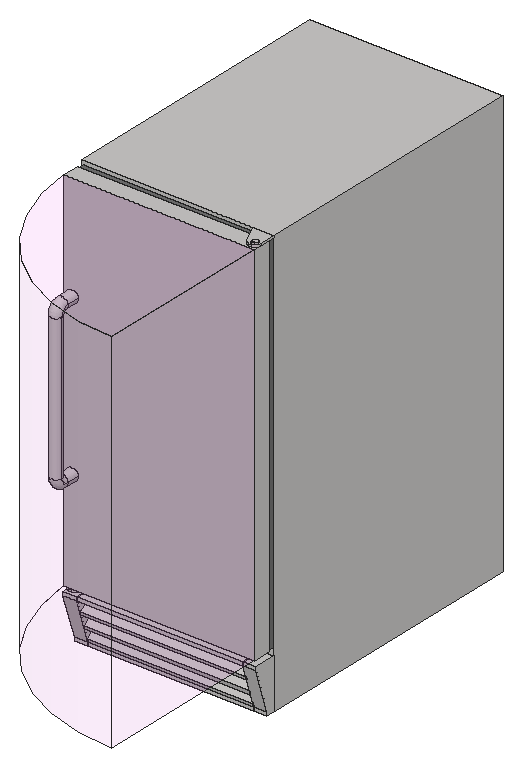
Revit family "QF_Summit_BIM47OSADA_ADA_Compliant_Commercial_Ice_Maker", category Specialty Equipment, Revit 2020
Family settings
  Round Connector Dimension = Use Diameter
  Part Type = Normal
  Work Plane-Based = No
  Always vertical = Yes
  Cut with Voids When Loaded = No
  Shared = No
  Room Calculation Point = No
Parameters
  Weight in Pounds = 100
  Watts = if(Phase = 3, Volts * FL Amps * 1.73, Volts * FL Amps)  # 552 W
  Waste Water Discharge Temperature = -459.67 °F
  Volts = 115 V
  Ventilation Remarks = ""
  URL Cutsheet = ""
  Specification by User = ""
  Specification by Manufacturer = ""
  Show RHD [instance] = yes
  Show LHD [instance] = not(Show RHD)  # no
  Show Clearance [instance] = yes
  Serial Number = ""
  Seismic Rating = ""
  SMACNA No = ""
  Revision Code = ""
  Refrigerant Volume = 0.00 kip
  Refrigerant Type = "R134a"
  Plumbing Remarks = ""
  Phase = 1
  Number of Poles = 1
  NAFEM Spec ID Number = ""
  Model = "BIM47OSADA"
  Min Ckt Ampacity = 0 A
  Max Overcurrent Protection = 0 A
  Masterspec = ""
  Manufacturer = "Summit"
  Length = 14 1/2"
  Item Number = ""
  Installed By = ""
  Indirect Waste Size = 3/4"
  Indirect Waste Flow = 0 GPM
  Indirect Waste Connection Type = ""
  Indirect Waste Connection Height = 0"
  Identify Quantity as Lot = yes
  Height = 32 3/8"
  HP = ""
  Furnished By = ""
  Foodservice Equipment Identifier = yes
  FL Amps = 4.8 A
  Electrical Remarks = ""
  Electric Connection Type = ""
  Elec Conn RI Height = 0"
  Elec Conn Connection Height = 0"
  Direct Waste Size = 0"
  Direct Waste RI Height = 0"
  Direct Waste Flow = 0 GPM
  Direct Waste Connection Height = 0"
  Description = "ADA Compliant Commercial Ice Maker"
  Depth = 23 1/4"
  Default Elevation = 0"
  Cycle = 60 Hz
  Conn Plug = ""
  Conn Conduit = yes
  Cold Water Temperature Recommended = -459.67 °F
  Cold Water Size = 3/8"
  Cold Water RI Height = 0"
  Cold Water Minimum Pressure = 0.00 psi
  Cold Water Maximum Pressure = 0.00 psi
  Cold Water Flow = 0 GPM
  Cold Water Consumption = ""
  Cold Water Connection Height = 0"
  CSI MasterFormat = ""
  Base Height [instance] = 1/4"
  BTUH = 0.0 Btu/h
  Apparent Power = if(Phase = 3, Volts * FL Amps * 1.73, Volts * FL Amps)  # 552 VA
Reference planes (in)
  plane 1 "BACK": y = 0
  plane 2: z = 0
  plane 3 "LEFT": x = 0
  plane 4 "RIGHT": x = 14.5
  plane 5 "FRONT": y = -23.25
  plane 6 "TOP": z = 32.375
  plane 7 "Center Y": x = 7.25
  plane 8 "Center X": y = -11.625
  plane 9 "Base Height": z = 0.25
  plane 10: y = -36.75
  plane 11: y = -25.25
  plane 12: y = -21.5
  plane 13: x = 5.5
Forms (in)
  Extrusion 1, solid, material "QF_Metal_Stainless_Polished"
    sketch origin (0, 0, 0.25) x (-1, 0, 0) y (0, -1, 0)
      loop
        line (0, 0) -> (0, 21.5) -> (-14.5, 21.5) -> (-14.5, 0) -> (0, 0)
    from 0 to 32.125
  Extrusion 2, solid, material "QF_Metal_Stainless_Polished"
    sketch origin (14.5, -21.5, 0.25) x (-1, 0, 0) y (0, 0, -1)
      loop
        line (0.0625, -31.9375) -> (14.4375, -31.9375) -> (14.4375, -4.1875) -> (0.0625, -4.1875) -> (0.0625, -31.9375)
    from 0.48459 to 1.75
  Extrusion 3, solid, material "QF_Rubber - Black - Smooth"
    sketch origin (14.5, -21.5, 0.25) x (-1, 0, 0) y (0, 0, -1)
      loop
        line (14.375, -31.875) -> (14.375, -4.25) -> (0.125, -4.25) -> (0.125, -31.875) -> (14.375, -31.875)
    from 0 to 0.48459
  Extrusion 4, solid, material "QF_Metal_Stainless_Polished", visible <- "Show LHD"
    sketch origin (0, 0, 32.375) x (-1, 0, 0) y (0, -1, 0)
      loop
        arc (-1.59653, 21.54634) -> (-1.5807, 21.51337) -> (-1.54666, 21.5) r 0.05
        line (-1.54666, 21.5) -> (0, 21.5) -> (0, 22.79709)
        arc (0, 22.79709) -> (-0.10983, 23.06226) -> (-0.375, 23.17209) r 0.375
        line (-0.375, 23.17209) -> (-0.57316, 23.17209)
        arc (-0.57316, 23.17209) -> (-0.77491, 23.11319) -> (-0.91329, 22.95501) r 0.375
        line (-0.91329, 22.95501) -> (-1.59653, 21.54634)
      loop
        circle (-0.375, 22.85959) r 0.21875
    from 0 to -0.125
  Revolve 5, solid, material "QF_Metal_Stainless_Polished", visible <- "Show LHD"
    sketch origin (0, -22.8585, 0) x (1, 0, 0) y (0, 0, 1)
      loop
        line (0.375, 32.4375) -> (0.15649, 32.4375) -> (0.15649, 32.25) -> (0.26575, 32.25) -> (0.26575, 32.1875) -> (0.375, 32.1875) -> (0.375, 32.4375)
      axis (0.375, 32.1875) -> (0.375, 32.4375)
    angle from 0 to 360
  Extrusion 6, solid, material "QF_Metal_Stainless_Polished"
    sketch origin (14.4375, -21.5, 4.4375) x (0, 1, 0) y (1, 0, 0)
      loop
        line (0, -14.4375) -> (0, -12.89084)
        arc (0, -12.89084) -> (-0.01337, -12.8568) -> (-0.04634, -12.84097) r 0.05
        line (-0.04634, -12.84097) -> (-1.45501, -13.52421)
        arc (-1.45501, -13.52421) -> (-1.61319, -13.66259) -> (-1.67209, -13.86434) r 0.375
        line (-1.67209, -13.86434) -> (-1.67209, -14.0625)
        arc (-1.67209, -14.0625) -> (-1.56226, -14.32767) -> (-1.29709, -14.4375) r 0.375
        line (-1.29709, -14.4375) -> (0, -14.4375)
    from 0.125 to 0.25
  Extrusion 7, solid, material "QF_Metal_Stainless_Polished"
    sketch origin (14.4375, -21.5, 4.3125) x (0, 1, 0) y (-1, 0, 0)
      loop
        circle (-1.3585, 14.0625) r 0.21851
    from 0 to 0.125
  Extrusion 8, solid, material "QF_Metal_Stainless_Polished"
    sketch origin (0, 0, 0) x (0, 1, 0) y (0, 0, 1)
      loop
        line (-21.5, 0.25) -> (-21.5, 4) -> (-23.25, 4) -> (-23.25, 3.75) -> (-22.1822, 0.5) -> (-22.1822, 0.25) -> (-21.5, 0.25)
    from 0 to 1
  Extrusion 9, solid, material "QF_Metal_Stainless_Polished"
    sketch origin (14.5, 0, 0) x (0, -1, 0) y (0, 0, 1)
      loop
        line (21.5, 0.25) -> (22.1822, 0.25) -> (22.1822, 0.5) -> (23.25, 3.75) -> (23.25, 4) -> (21.5, 4) -> (21.5, 0.25)
    from 0 to 1
  Extrusion 10, solid, material "QF_Metal_Stainless_Polished"
    sketch origin (1, 0, 0) x (0, 1, 0) y (0, 0, 1)
      loop
        line (-21.5, 4) -> (-23.25, 4) -> (-23.25, 3.75) -> (-21.625, 3.75) -> (-22.96252, 2.875) -> (-22.88038, 2.625) -> (-21.625, 2.625) -> (-22.59289, 1.75) -> (-22.51076, 1.5) -> (-21.67961, 1.5) -> (-22.26434, 0.75) -> (-22.1822, 0.5) -> (-22.1822, 0.25) -> (-21.5, 0.25) -> (-21.5, 4)
    from 0 to 12.5
  Sweep 11, solid, material "QF_Metal_Stainless_Polished", visible <- "Show LHD"
    path origin (14.5, 0, 0) x (0, -1, 0) y (0, 0, 1)
      loop
        line (23.25, 24.625) -> (24.25, 24.625)
        arc (24.25, 24.625) -> (24.95711, 24.33211) -> (25.25, 23.625) r 1
        line (25.25, 23.625) -> (25.25, 12.75)
        arc (25.25, 12.75) -> (24.95711, 12.04289) -> (24.25, 11.75) r 1
        line (24.25, 11.75) -> (23.25, 11.75)
    profile origin (14.5, -25.25, 18.1875) x (-1, 0, 0) y (0, -1, 0)
      loop
        circle (0.6875, -0.4375) r 0.4375
  Extrusion 12, void
    sketch origin (0, 0, 0.25) x (1, 0, 0) y (0, 0, -1)
      loop
        line (0.25, -7.875) -> (5, -7.875) -> (5, -0.25) -> (0.25, -0.25) -> (0.25, -7.875)
    from -1 to 1
  Extrusion 13, solid, material "QF_Rubber - Black - Smooth"
    sketch origin (0, 0, 0.25) x (1, 0, 0) y (0, 0, -1)
      loop
        circle (5.5, -0.75) r 0.25
    from 0 to 0.0625
  Extrusion 14, solid
    sketch origin (0, -1, 0.25) x (1, 0, 0) y (0, 0, -1)
      loop
        circle (1.75, -4.875) r 0.375
      loop
        circle (3.0625, -6.57986) r 0.1875
    from 0 to 0.0625
  Extrusion 15, solid, material "QF_Clearances_Door_Drawer", visible <- "Show LHD"
    sketch origin (14.4375, -21.5, 4.4375) x (0, 1, 0) y (1, 0, 0)
      loop
        arc (-1.75, 0.00137) -> (-11.3422, -4.51854) -> (-15.25245, -14.375) r 14.42446
        line (-15.25245, -14.375) -> (-1.75, -14.375) -> (-1.75, 0.00137)
    from 0 to -27.75
  Revolve 16, solid, material "QF_Metal_Stainless_Polished"
    sketch origin (0, -20, 0) x (1, 0, 0) y (0, 0, 1)
      loop
        line (1, 0) -> (1.5, 0) -> (1.5, 0.25) -> (1, 0.25) -> (1, 0)
      axis (1.5, 0.25) -> (1.5, 0)
    angle from 0 to 360
  Revolve 17, solid, material "QF_Metal_Stainless_Polished"
    sketch origin (11.5, -20, 0) x (1, 0, 0) y (0, 0, 1)
      loop
        line (1, 0) -> (1.5, 0) -> (1.5, 0.25) -> (1, 0.25) -> (1, 0)
      axis (1.5, 0.25) -> (1.5, 0)
    angle from 0 to 360
  Revolve 18, solid, material "QF_Metal_Stainless_Polished"
    sketch origin (0, -1.5, 0) x (1, 0, 0) y (0, 0, 1)
      loop
        line (1, 0) -> (1.5, 0) -> (1.5, 0.25) -> (1, 0.25) -> (1, 0)
      axis (1.5, 0.25) -> (1.5, 0)
    angle from 0 to 360
  Revolve 19, solid, material "QF_Metal_Stainless_Polished"
    sketch origin (11.5, -1.5, 0) x (1, 0, 0) y (0, 0, 1)
      loop
        line (1, 0) -> (1.5, 0) -> (1.5, 0.25) -> (1, 0.25) -> (1, 0)
      axis (1.5, 0.25) -> (1.5, 0)
    angle from 0 to 360
  Extrusion 20, solid, material "QF_Metal_Stainless_Polished", visible <- "Show RHD"
    sketch origin (14.5, 0, 32.375) x (1, 0, 0) y (0, 1, 0)
      loop
        line (-1.59653, -21.54634) -> (-0.91329, -22.95501)
        arc (-0.91329, -22.95501) -> (-0.77491, -23.11319) -> (-0.57316, -23.17209) r 0.375
        line (-0.57316, -23.17209) -> (-0.375, -23.17209)
        arc (-0.375, -23.17209) -> (-0.10983, -23.06226) -> (0, -22.79709) r 0.375
        line (0, -22.79709) -> (0, -21.5) -> (-1.54666, -21.5)
        arc (-1.54666, -21.5) -> (-1.5807, -21.51337) -> (-1.59653, -21.54634) r 0.05
      loop
        circle (-0.375, -22.85959) r 0.21875
    from 0 to -0.125
  Revolve 21, solid, material "QF_Metal_Stainless_Polished", visible <- "Show RHD"
    sketch origin (14.5, -22.8585, 0) x (-1, 0, 0) y (0, 0, -1)
      loop
        line (0.375, -32.4375) -> (0.375, -32.1875) -> (0.26575, -32.1875) -> (0.26575, -32.25) -> (0.15649, -32.25) -> (0.15649, -32.4375) -> (0.375, -32.4375)
      axis (0.375, -32.1875) -> (0.375, -32.4375)
    angle from 0 to 360
  Sweep 22, solid, material "QF_Metal_Stainless_Polished", visible <- "Show RHD"
    path origin (0, 0, 0) x (0, -1, 0) y (0, 0, -1)
      loop
        line (23.25, -24.625) -> (24.25, -24.625)
        arc (24.25, -24.625) -> (24.95711, -24.33211) -> (25.25, -23.625) r 1
        line (25.25, -23.625) -> (25.25, -12.75)
        arc (25.25, -12.75) -> (24.95711, -12.04289) -> (24.25, -11.75) r 1
        line (24.25, -11.75) -> (23.25, -11.75)
    profile origin (0, -25.25, 18.1875) x (1, 0, 0) y (0, 1, 0)
      loop
        circle (0.6875, 0.4375) r 0.4375
  Extrusion 23, solid, material "QF_Clearances_Door_Drawer", visible <- "Show RHD"
    sketch origin (0.0625, -21.5, 4.4375) x (0, -1, 0) y (-1, 0, 0)
      loop
        line (1.75, 0.00137) -> (1.75, -14.375) -> (15.25245, -14.375)
        arc (15.25245, -14.375) -> (11.3422, -4.51854) -> (1.75, 0.00137) r 14.42446
    from 0 to -27.75
Cuts and joins
  Extrusion 12 cuts Extrusion 1
Lines and regions (in)
  Split face 1
    outline origin (0.375, -22.8585, 32.4375) x (0, 1, 0) y (-1, 0, 0)
      loop
        line (-0.02941, 0.21652) -> (-0.02941, -0.21751)
  Split face 2
    outline origin (0.375, -22.8585, 32.4375) x (0, 1, 0) y (-1, 0, 0)
      loop
        line (0.03309, 0.21651) -> (0.03309, -0.21651)
  Split face 3
    outline origin (14.125, -22.8585, 32.4375) x (1, 0, 0) y (0, 1, 0)
      loop
        line (0.21652, -0.02941) -> (-0.21751, -0.02941)
  Split face 4
    outline origin (14.125, -22.8585, 32.4375) x (1, 0, 0) y (0, 1, 0)
      loop
        line (0.21651, 0.03309) -> (-0.21651, 0.03309)
  symbolic lines
    curve 1: line (0, 0, 0.25) -> (14.5, 0, 0.25)
    curve 2: line (0, -23.25, 0.25) -> (0, 0, 0.25)
    curve 3: line (14.5, -21.5, 0.25) -> (0, -21.5, 0.25)
    curve 4: line (14.5, 0, 0.25) -> (14.5, -23.25, 0.25)
    curve 8: line (0, -23.25, 0.25) -> (14.5, -23.25, 0.25)
    curve 18: line (0.0625, -23.00438, 0.25) -> (0.0625, -23.25, 0.25)
  symbolic lines, visible <- "Show LHD"
    curve 5: line (14.375, -21.98459, 0.25) -> (14.375, -21.5, 0.25)
    curve 6: line (14.4375, -21.98459, 0.25) -> (1.38396, -21.98459, 0.25)
    curve 7: line (14.4375, -23.25, 0.25) -> (14.4375, -21.98459, 0.25)
    curve 9: arc (1.59653, -21.54634, 0.25) -> (1.5807, -21.51337, 0.25) -> (1.54666, -21.5, 0.25) r 0.05
    curve 10: line (0.91329, -22.95501, 0.25) -> (1.59653, -21.54634, 0.25)
    curve 11: arc (0.57316, -23.17209, 0.25) -> (0.77491, -23.11319, 0.25) -> (0.91329, -22.95501, 0.25) r 0.375
    curve 12: line (0.375, -23.17209, 0.25) -> (0.57316, -23.17209, 0.25)
    curve 13: arc (0, -22.79709, 0.25) -> (0.10983, -23.06226, 0.25) -> (0.375, -23.17209, 0.25) r 0.375
    curve 14: arc (0.59351, -22.8585, 0.25) -> (0.375, -23.07701, 0.25) -> (0.15649, -22.8585, 0.25) r 0.21851
    curve 15: arc (0.15649, -22.8585, 0.25) -> (0.375, -22.64, 0.25) -> (0.59351, -22.8585, 0.25) r 0.21851
    curve 16: line (0.15901, -22.82541, 0.25) -> (0.59099, -22.82541, 0.25)
    curve 17: line (0.15848, -22.88791, 0.25) -> (0.59152, -22.88791, 0.25)
    curve 19: line (14.12325, -23.25, 0.25) -> (14.12325, -24.81373, 0.25)
    curve 20: line (13.24984, -23.25, 0.25) -> (13.24984, -24.81373, 0.25)
    curve 21: arc (13.24984, -24.81373, 0.25) -> (13.68654, -25.25043, 0.25) -> (14.12325, -24.81373, 0.25) r 0.43671
  symbolic lines, style "QF_Clearances_Door_Drawer", visible <- "Show LHD"
    curve 22: arc (14.43783, -23.25, 0.25) -> (13.72697, -26.87976, 0.25) -> (12.11734, -30.20986, 0.25) r 14.43997
    curve 23: line (0.0625, -23.25, 0.25) -> (12.11734, -30.20986, 0.25)
  symbolic lines, style "QF_Clearances_Door_Drawer", visible <- "Show RHD"
    curve 24: arc (0.06217, -23.25, 0.25) -> (0.77303, -26.87976, 0.25) -> (2.38266, -30.20986, 0.25) r 14.43997
    curve 25: line (14.4375, -23.25, 0.25) -> (2.38266, -30.20986, 0.25)
  symbolic lines, visible <- "Show RHD"
    curve 26: arc (12.90347, -21.54634, 0.25) -> (12.9193, -21.51337, 0.25) -> (12.95334, -21.5, 0.25) r 0.05
    curve 27: line (13.58671, -22.95501, 0.25) -> (12.90347, -21.54634, 0.25)
    curve 28: arc (13.92684, -23.17209, 0.25) -> (13.72509, -23.11319, 0.25) -> (13.58671, -22.95501, 0.25) r 0.375
    curve 29: line (14.125, -23.17209, 0.25) -> (13.92684, -23.17209, 0.25)
    curve 30: arc (14.5, -22.79709, 0.25) -> (14.39017, -23.06226, 0.25) -> (14.125, -23.17209, 0.25) r 0.375
    curve 31: arc (13.90649, -22.8585, 0.25) -> (14.125, -23.07701, 0.25) -> (14.34351, -22.8585, 0.25) r 0.21851
    curve 32: arc (14.34351, -22.8585, 0.25) -> (14.125, -22.64, 0.25) -> (13.90649, -22.8585, 0.25) r 0.21851
    curve 33: line (14.34099, -22.82541, 0.25) -> (13.90901, -22.82541, 0.25)
    curve 34: line (14.34152, -22.88791, 0.25) -> (13.90848, -22.88791, 0.25)
    curve 35: line (0.37675, -23.25, 0.25) -> (0.37675, -24.81373, 0.25)
    curve 36: line (1.25016, -23.25, 0.25) -> (1.25016, -24.81373, 0.25)
    curve 37: arc (1.25016, -24.81373, 0.25) -> (0.81346, -25.25043, 0.25) -> (0.37675, -24.81373, 0.25) r 0.43671
    curve 38: line (0.125, -21.98459, 0.25) -> (0.125, -21.5, 0.25)
    curve 39: line (0.0625, -21.98459, 0.25) -> (13.11604, -21.98459, 0.25)
    curve 40: line (0.0625, -23.25, 0.25) -> (0.0625, -21.98459, 0.25)
Dimensions and locks (in)
  equal spacing: plane 3 "LEFT", plane 7 "Center Y", plane 4 "RIGHT"
  "Length": plane 3 "LEFT" to plane 4 "RIGHT"
  equal spacing: plane 5 "FRONT", plane 8 "Center X", plane 1 "BACK"
  "Depth": plane 5 "FRONT" to plane 1 "BACK"
  "Height": plane 6 "TOP" to level
  "Base Height": plane 9 "Base Height" to level
  plane 10 to plane 1 "BACK" = 36 3/4"
  plane 11 to plane 5 "FRONT" = 2"
  plane 12 to plane 1 "BACK" = 21 1/2"
  plane 6 "TOP" to plane 9 "Base Height" = 32 1/8"
  plane 13 to plane 4 "RIGHT" = 9"
  aligned and locked: level to plane 2
Automatic sketch dimensions
  plane 1 "BACK" to Extrusion 1 sketch curve = 0"
  Extrusion 1 sketch curve to plane 4 "RIGHT" = 0"
  Extrusion 1 sketch curve to plane 3 "LEFT" = 0"
  plane 12 to Extrusion 1 sketch curve = 0"
  Extrusion 2 sketch curve to Extrusion 1 = 1/16"
  Extrusion 1 to Extrusion 2 sketch curve = 1/16"
  Extrusion 1 to Extrusion 2 sketch curve = 3/16"
  Extrusion 1 to Extrusion 2 sketch curve = 4 3/16"
  Extrusion 3 sketch curve to Extrusion 1 = 1/8"
  Extrusion 1 to Extrusion 3 sketch curve = 1/8"
  Extrusion 1 to Extrusion 3 sketch curve = 1/4"
  Extrusion 1 to Extrusion 3 sketch curve = 4 1/4"
  Extrusion 1 to Extrusion 4 sketch curve = 0"
  Extrusion 4 sketch curve to Extrusion 1 = 0"
  Extrusion 4 sketch curve to Extrusion 4 sketch curve = 3/8"
  Extrusion 4 sketch curve to Extrusion 4 sketch curve = 0"  (x2)
  Extrusion 4 sketch curve to Extrusion 4 sketch curve = 0.19816"
  Extrusion 4 sketch curve to Extrusion 4 sketch curve = 0.34013"
  Extrusion 4 sketch curve to Extrusion 4 sketch curve = 1.54666"
  Extrusion 1 to Extrusion 4 sketch curve = 0.04634"
  Extrusion 4 sketch curve to Extrusion 4 sketch curve = 0.04987"
  Extrusion 1 to Extrusion 4 sketch curve = 1.29709"
  Extrusion 4 sketch curve to Extrusion 4 sketch curve = 1/16"
  plane 6 "TOP" to Revolve 5 sketch curve = 1/16"
  plane 3 "LEFT" to Revolve 5 sketch curve = 0.15649"
  Revolve 5 sketch curve to Revolve 5 sketch curve = 0.10925"  (x2)
  Revolve 5 sketch curve to plane 6 "TOP" = 1/8"
  Revolve 5 sketch curve to Revolve 5 sketch curve = 1/16"
  Revolve 5 sketch curve to Revolve 5 sketch curve = 0"  (x2)
  Revolve 5 sketch curve to Revolve 5 sketch curve = 0.17625"
  Revolve 5 to Split face 1 sketch curve = 0.02941"
  Split face 1 sketch curve to Split face 1 sketch curve = 0.43403"
  Split face 2 sketch curve to Revolve 5 = 0.03309"
  Split face 2 sketch curve to Split face 2 sketch curve = 0.43301"
  Extrusion 6 sketch curve to Extrusion 2 = 0.07791"
  Extrusion 6 sketch curve to Extrusion 2 = 0.29499"
  Extrusion 6 sketch curve to Extrusion 6 sketch curve = 0.15792"
  Extrusion 2 to Extrusion 6 sketch curve = 1/16"
  Extrusion 6 sketch curve to Extrusion 2 = 0.45291"
  Extrusion 2 to Extrusion 6 sketch curve = 0.43459"
  Extrusion 6 sketch curve to Extrusion 6 sketch curve = 0.00366"
  Extrusion 2 to Extrusion 6 sketch curve = 0.48459"
  Extrusion 6 sketch curve to Extrusion 6 sketch curve = 0.19816"
  Extrusion 6 sketch curve to Extrusion 2 = 1.48416"
  Extrusion 7 sketch curve to Extrusion 7 sketch curve = 0"  (x2)
  Extrusion 7 sketch curve to Extrusion 6 = 0.31359"
  Extrusion 7 sketch curve to Extrusion 6 = 3/8"
  Extrusion 7 sketch curve to Extrusion 7 sketch curve = 0.21851"
  Extrusion 8 sketch curve to plane 5 "FRONT" = 0"
  Extrusion 8 sketch curve to plane 9 "Base Height" = 0"
  Extrusion 8 sketch curve to plane 12 = 0"
  Extrusion 8 sketch curve to Extrusion 8 sketch curve = 0.6822"
  plane 9 "Base Height" to Extrusion 8 sketch curve = 1/4"
  Extrusion 8 sketch curve to Extrusion 8 sketch curve = 3 1/4"
  Extrusion 8 sketch curve to Extrusion 8 sketch curve = 1/4"
  Extrusion 9 sketch curve to plane 12 = 0"
  Extrusion 9 sketch curve to plane 9 "Base Height" = 0"
  Extrusion 9 sketch curve to plane 5 "FRONT" = 0"
  plane 12 to Extrusion 9 sketch curve = 0.6822"
  Extrusion 9 sketch curve to Extrusion 9 sketch curve = 1/4"  (x2)
  Extrusion 9 sketch curve to Extrusion 9 sketch curve = 3 1/4"
  Extrusion 10 sketch curve to Extrusion 8 = 0"  (x5)
  Extrusion 8 to Extrusion 10 sketch curve = 0"  (x7)
  Extrusion 10 sketch curve to Extrusion 8 = 0.28748"
  Extrusion 10 sketch curve to Extrusion 10 sketch curve = 0.08214"  (x2)
  Extrusion 8 to Extrusion 10 sketch curve = 0.41069"
  Extrusion 8 to Extrusion 10 sketch curve = 0.08214"
  Extrusion 10 sketch curve to Extrusion 8 = 0.17961"
  Extrusion 10 sketch curve to Extrusion 8 = 1/8"  (x2)
  Sweep 11 sketch curve to plane 5 "FRONT" = 0"  (x2)
  Sweep 11 sketch curve to plane 11 = 0"
  Sweep 11 sketch curve to Sweep 11 sketch curve = 1"  (x2)
  plane 9 "Base Height" to Sweep 11 sketch curve = 11 1/2"
  Sweep 11 sketch curve to plane 6 "TOP" = 8 3/4"
  Sweep 11 sketch curve to Sweep 11 sketch curve = 0"  (x2)
  plane 4 "RIGHT" to Sweep 11 sketch curve = 11/16"
  profile plane to Sweep 11 sketch curve = 7/16"
  plane 4 "RIGHT" to Sweep 11 sketch curve = 1/4"
  Extrusion 12 sketch curve to Extrusion 1 = 1/4"
  Extrusion 1 to Extrusion 12 sketch curve = 1/4"
  Extrusion 12 sketch curve to Extrusion 12 sketch curve = 4 3/4"
  Extrusion 12 sketch curve to Extrusion 12 sketch curve = 7 5/8"
  Extrusion 1 to Extrusion 13 sketch curve = 3/4"
  Extrusion 13 sketch curve to Extrusion 1 = 5 1/2"
  Extrusion 14 sketch curve to Extrusion 12 = 1 1/2"
  Extrusion 14 sketch curve to Extrusion 12 = 1 15/16"
  Extrusion 14 sketch curve to Extrusion 12 = 1.29514"
  Extrusion 14 sketch curve to Extrusion 14 sketch curve = 1.70486"
  Extrusion 15 sketch curve to Extrusion 2 = 0"
  Extrusion 2 to Extrusion 15 sketch curve = 0"
  Extrusion 2 to Extrusion 15 sketch curve = 13.50245"
  Extrusion 2 to Extrusion 15 sketch curve = 0.01859"
  Extrusion 15 sketch curve to Extrusion 2 = 0.34341"
  Revolve 16 sketch curve to level = 0"  (x2)
  Revolve 16 sketch curve to plane 9 "Base Height" = 0"
  plane 3 "LEFT" to Revolve 16 sketch curve = 1"
  Revolve 16 sketch curve to Revolve 16 sketch curve = 1/2"
  Revolve 16 sketch curve to Revolve 16 sketch curve = 0"
  Revolve 16 sketch curve to Revolve 16 sketch curve = 0.61388"
  Revolve 17 sketch curve to level = 0"  (x2)
  Revolve 17 sketch curve to plane 9 "Base Height" = 0"
  plane 4 "RIGHT" to Revolve 17 sketch curve = 2"
  Revolve 17 sketch curve to Revolve 17 sketch curve = 1/2"
  Revolve 17 sketch curve to Revolve 17 sketch curve = 0"
  Revolve 17 sketch curve to Revolve 17 sketch curve = 0.61388"
  Revolve 18 sketch curve to level = 0"  (x2)
  Revolve 18 sketch curve to plane 9 "Base Height" = 0"
  plane 3 "LEFT" to Revolve 18 sketch curve = 1"
  Revolve 18 sketch curve to Revolve 18 sketch curve = 1/2"
  Revolve 18 sketch curve to Revolve 18 sketch curve = 0"
  Revolve 18 sketch curve to Revolve 18 sketch curve = 0.61388"
  Revolve 19 sketch curve to level = 0"  (x2)
  Revolve 19 sketch curve to plane 9 "Base Height" = 0"
  plane 4 "RIGHT" to Revolve 19 sketch curve = 2"
  Revolve 19 sketch curve to Revolve 19 sketch curve = 1/2"
  Revolve 19 sketch curve to Revolve 19 sketch curve = 0"
  Revolve 19 sketch curve to Revolve 19 sketch curve = 0.61388"
  Extrusion 1 to Extrusion 20 sketch curve = 0"
  Extrusion 20 sketch curve to Extrusion 1 = 0"
  Extrusion 20 sketch curve to Extrusion 20 sketch curve = 3/8"
  Extrusion 20 sketch curve to Extrusion 20 sketch curve = 0"  (x2)
  Extrusion 20 sketch curve to Extrusion 20 sketch curve = 0.19816"
  Extrusion 20 sketch curve to Extrusion 20 sketch curve = 0.34013"
  Extrusion 20 sketch curve to Extrusion 20 sketch curve = 1.54666"
  Extrusion 1 to Extrusion 20 sketch curve = 0.04634"
  Extrusion 20 sketch curve to Extrusion 20 sketch curve = 0.04987"
  Extrusion 1 to Extrusion 20 sketch curve = 1.29709"
  Extrusion 20 sketch curve to Extrusion 20 sketch curve = 1/16"
  plane 6 "TOP" to Revolve 21 sketch curve = 1/16"
  plane 4 "RIGHT" to Revolve 21 sketch curve = 0.15649"
  Revolve 21 sketch curve to Revolve 21 sketch curve = 0.10925"  (x2)
  Revolve 21 sketch curve to plane 6 "TOP" = 1/8"
  Revolve 21 sketch curve to Revolve 21 sketch curve = 1/16"
  Revolve 21 sketch curve to Revolve 21 sketch curve = 0"  (x2)
  Revolve 21 sketch curve to Revolve 21 sketch curve = 0.17625"
  Revolve 21 to Split face 3 sketch curve = 0.02941"
  Split face 3 sketch curve to Split face 3 sketch curve = 0.43403"
  Split face 4 sketch curve to Revolve 21 = 0.03309"
  Split face 4 sketch curve to Split face 4 sketch curve = 0.43301"
  Sweep 22 sketch curve to plane 5 "FRONT" = 0"  (x2)
  Sweep 22 sketch curve to plane 11 = 0"
  Sweep 22 sketch curve to Sweep 22 sketch curve = 1"  (x2)
  Sweep 22 sketch curve to plane 6 "TOP" = 7 3/4"
  Sweep 22 sketch curve to Sweep 22 sketch curve = 10 7/8"
  Sweep 22 sketch curve to Sweep 22 sketch curve = 0"  (x2)
  profile plane to Sweep 22 sketch curve = 11/16"
  Sweep 22 sketch curve to profile plane = 7/16"
  profile plane to Sweep 22 sketch curve = 1/4"
  Extrusion 23 sketch curve to Extrusion 2 = 0"  (x2)
  Extrusion 23 sketch curve to Extrusion 2 = 0.01859"
  Extrusion 23 sketch curve to Extrusion 2 = 0.34341"
  Extrusion 2 to Extrusion 23 sketch curve = 13.50245"
  curve 30 to plane 4 "RIGHT" = 0"
  plane 1 "BACK" to curve 1 = 0"
  plane 12 to curve 5 = 0"
  plane 4 "RIGHT" to curve 24 = 0.02832"
  plane 4 "RIGHT" to curve 25 = 1/16"
  curve 30 to curve 30 = 3/8"
  curve 31 to curve 30 = 0"
  plane 4 "RIGHT" to curve 19 = 0.37675"
  curve 30 to curve 28 = 0.19816"
  curve 21 to curve 21 = 0.43671"
  curve 27 to plane 5 "FRONT" = 0.29499"
  curve 28 to curve 27 = 0.34013"
  plane 12 to curve 26 = 0.05"
  curve 27 to curve 26 = 0.63337"
  plane 12 to curve 27 = 0.04634"
  plane 4 "RIGHT" to curve 23 = 2.38266"
  plane 3 "LEFT" to curve 25 = 2.38266"
  plane 12 to curve 10 = 0.04634"
  plane 3 "LEFT" to curve 10 = 1.59653"
  curve 9 to curve 9 = 0.04987"
  plane 3 "LEFT" to curve 36 = 1.25016"
  curve 10 to plane 5 "FRONT" = 0.29499"
  curve 36 to curve 10 = 0.33688"
  curve 36 to curve 37 = 0.43671"
  curve 11 to curve 11 = 0.34013"
  curve 11 to curve 14 = 0.19816"
  curve 13 to curve 14 = 0"
  plane 3 "LEFT" to curve 40 = 1/16"
  plane 3 "LEFT" to curve 22 = 0.02832"
  plane 12 to curve 7 = 0.48459"
  plane 12 to curve 39 = 0.48459"
  curve 6 to curve 24 = 0.32791"
  curve 39 to curve 22 = 0.32791"
  curve 28 to curve 28 = 0.15792"
  curve 2 to plane 5 "FRONT" = 0"
  curve 13 to curve 15 = 0.06141"
  curve 30 to curve 31 = 0.06141"
  plane 11 to curve 20 = 0.43627"
  plane 11 to curve 35 = 0.43627"
  curve 23 to plane 11 = 4.95986"
  curve 25 to plane 11 = 4.95986"
  curve 6 to curve 5 = 1/16"
  plane 4 "RIGHT" to curve 32 = 0.15649"
  curve 31 to curve 34 = 0.00199"
  curve 32 to curve 33 = 0.00252"
  curve 14 to curve 11 = 0.02035"
  curve 14 to curve 17 = 0.00199"
  curve 15 to curve 16 = 0.00252"
  curve 38 to curve 39 = 1/16"
  curve 8 to plane 3 "LEFT" = 0"
  plane 5 "FRONT" to curve 18 = 0"
  curve 11 to curve 11 = 0.15792"
  plane 5 "FRONT" to curve 25 = 0"
  radius of Extrusion 4 sketch curve = 7/32"
  radius of Extrusion 13 sketch curve = 1/4"
  radius of Extrusion 14 sketch curve = 3/8"
  radius of Extrusion 14 sketch curve = 3/16"
  radius of Extrusion 20 sketch curve = 7/32"
Connectors (in)
  piping at (1.75, -0.9375, 5.125), diameter 0.75
    settings: on Extrusion 14, index 1, connector inside diameter 24", connector length 0", flow factor 0, pipe flow 0 GPM, pressure drop 0.00 psi, fitting loss kfactor 0, connector angle 0.00°, fixture units 0, engagement length 0", angle of deflection 0.00°, flow configuration 1, flow direction 2, fitting loss method 0, system type 16, joint type 0, gender type 0, connector reference index -1, connector utility 0, adjustable connector no, is connector primary yes, connector description "Drain"
  piping at (3.0625, -0.9375, 6.82986), diameter 0.375
    settings: on Extrusion 14, index 2, connector inside diameter 24", connector length 0", flow factor 0, pipe flow 0 GPM, pressure drop 0.00 psi, fitting loss kfactor 0, connector angle 0.00°, fixture units 0, engagement length 0", angle of deflection 0.00°, flow configuration 1, flow direction 1, fitting loss method 0, system type 20, joint type 0, gender type 0, connector reference index -1, connector utility 0, adjustable connector no, is connector primary no, connector description "Cold Water Connection"
  electrical at (5.5, 0.0625, 1), driven by "Volts"
    settings: on Extrusion 13, index 3, voltage 115 V, apparent load 0 VA, apparent load phase1 0 VA, apparent load phase2 0 VA, apparent load phase3 0 VA, power factor 1, load classification "Other", number of poles 1, system type 30, power factor state 1, is connector primary yes, connector utility no, sub classification motor no, connector description "Electrical Connection"
